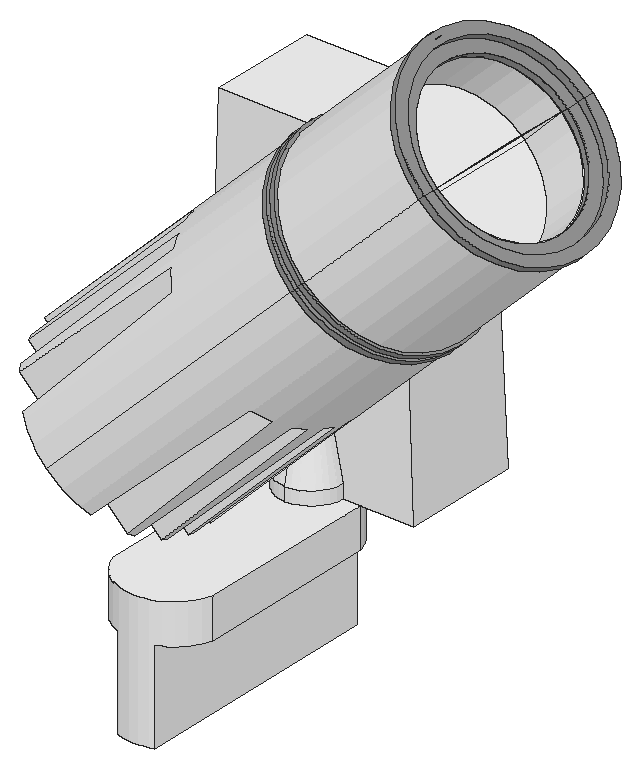
Revit family "2055956", category Lighting Fixtures, host Face, Revit 2016
Family settings
  Host = Face
  Part Type = Normal
  Round Connector Dimension = Use Diameter
  OmniClass Number = 23.80.70.00
  OmniClass Title = Lighting
  Cut with Voids When Loaded = No
  Light Source = No
  Shared = No
  Room Calculation Point = No
Parameters (values of type "2055956 BCON PRJ FRAM O/B L3 3K WH")
  Weight = "1.365 kg"
  Wattage Comments = ""
  WarrantyStartDate [instance] = "n/a"
  WarrantyGuarantorParts = "n/a"
  WarrantyDurationUnit = "n/a"
  WarrantyDurationParts = "n/a"
  WarrantyDescription = "n/a"
  Voltage = 230 V
  URL = "http://www.sylvania-lighting.com"
  TypeName = "BCON PRJ FRAM O/B L3 3K WH"
  TypeHead_SYL = Beacon LED Projector Framing Head : 2055956 BCON PRJ FRAM O/B L3 3K WH
  Type Image = <None>
  Type Comments = "n/a"
  Track_SYL = yes
  Surface_SYL = not(Track_SYL)  # no
  SerialNumber [instance] = "n/a"
  Material_3_SYL = none
  PowerFactor = 0.95
  PowerConsumption = "35 W"
  NominalLength = 0 mm
  NominalHeight = 215 mm
  NominalDepth = 185 mm
  Name = "BCON PRJ FRAM O/B L3 3K WH"
  ModelReference = Name  # "BCON PRJ FRAM O/B L3 3K WH"
  ModelNumber = "2055956"
  Model = Name  # "BCON PRJ FRAM O/B L3 3K WH"
  Material = "aluminium housing"
  ManufacturerName = "Feilo Sylvania"
  Manufacturer = "Feilo Sylvania"
  LuminousEfficacy = "14 lm/W"
  LuminaireType = ""
  LightOutputRatio = "100"
  LampsType = Lamp  # "LED"
  LampNominalLuminous = "474 lm"
  LampMacAdamStep = "3"
  LampColourTemperature = "3000 K"
  LampColourRenderingIndex = "97"
  Lamp = "LED"
  Keynote = "16500"
  InstallationDate [instance] = "n/a"
  InputVoltage = "AC 230 V"
  InputNominalFrequency = "50/60 Hz"
  IngressProtection = "IP20"
  ImpactProtectionIndex = "IK02"
  IfcExportType = "IfcLightFixtureType"
  IfcExportAs = "IfcLightFixtureType"
  HorizontalRotation_SYL [instance] = 0.00°
  EndAngle_SYL [instance] = HorizontalRotation_SYL + 180.00°  # 180.00°
  ElectricShockClassification = "Class II"
  DocumentationLiterature = "http://www.sylvania-lighting.com/product/en-int/products/2055956"
  DimmingControlOptions = "n/a"
  Material_2_SYL = Body-Sylvania-Black
  Description = "Beacon Projector offers precision light exactly where it is needed. The Framing Projector has four adjustable arms allowing the beam to be framed to the desired size shape (square/rectangle or irregular 4 sided shapes).High colour rendering CRI 97 typical. IR/UV free light source without heat radiation. LED technology provides an energy efficient solution with reduced maintenance costs."
  Default Elevation = 1219.2 mm
  CreatedOn = "3/14/2019"
  CreatedBy = "@sylvania-lighting.com"
  Cost = 0
  built-in parameter 1114216 [instance] = (empty or 0)
  ClassificationValue = "EF_70_80"
  ClassificationName = "Uniclass2015"
  Material_1_SYL = Body-Sylvania-White
  BarCode [instance] = "n/a"
  AssetType = "Fixed"
  AssetIdentifier [instance] = "n/a"
  Assembly Code = "D5020200"
  Apparent Load = 35 VA
  Material_4_SYL = none
Reference planes
  plane 1 "Center (Front/Back)": y = 0
  plane 2: z = 0
  plane 3 "Center (Left/Right)": x = 0
  plane 4: x = 7
  plane 5: x = -7
  plane 6: z = -34.5
  plane 7: z = 15
  plane 8: x = 18.5
  plane 9: x = -18.5
  plane 10: y = 48.5
  plane 11: y = -48.5
  plane 12: y = 34.5
  plane 13: y = -34.5
  plane 14: y = 77
  plane 15: y = -8
  plane 16: x = 42.5
  plane 17: x = -42.5
Forms (mm)
  Extrusion 1, solid, material "Body-Sylvania-White" <- "Material_1_SYL", visible <- "Track_SYL"
    sketch origin (0, 0, 0) x (1, 0, 0) y (0, 0, 1)
      loop
        line (-18.5, 15) -> (-18.5, 0) -> (-7, 0) -> (-7, -34.5) -> (7, -34.5) -> (7, 0) -> (18.5, 0) -> (18.5, 15) -> (-18.5, 15)
    from -48.5 to 48.5
  Extrusion 2, void
    sketch origin (0, 0, 0) x (1, 0, 0) y (0, 1, 0)
      loop
        arc (-18.5, 34.5) -> (0, 48.5) -> (18.5, 34.5) r 19.223
        line (18.5, 34.5) -> (21.5, 34.5) -> (21.5, 54.5) -> (-23.5, 54.5) -> (-23.5, 34.5) -> (-18.5, 34.5)
      loop
        line (-18.5, -34.5) -> (-23.5, -34.5) -> (-23.5, -54.5) -> (21.5, -54.5) -> (21.5, -34.5) -> (18.5, -34.5)
        arc (18.5, -34.5) -> (0, -48.5) -> (-18.5, -34.5) r 19.223
    from -34.5 to 15
  Revolve 3, solid, not visible
    sketch origin (0, 0, 0) x (0, 1, 0) y (0, 0, 1)
      loop
        line (34.5, 15) -> (48.5, 15) -> (48.5, 39.844) -> (34.5, 39.844) -> (34.5, 15)
      axis (34.5, 15) -> (34.5, 39.844)
    angle from 0 <- "HorizontalRotation_SYL" to 180 <- "EndAngle_SYL"
  Extrusion 4, solid, material "Body-Sylvania-White" <- "Material_1_SYL", visible <- "Surface_SYL"
    sketch origin (0, 0, 0) x (1, 0, 0) y (0, 1, 0)
      loop
        arc (39.5, -8) -> (41.621, -7.121) -> (42.5, -5) r 3
        line (42.5, -5) -> (42.5, 74)
        arc (42.5, 74) -> (41.621, 76.121) -> (39.5, 77) r 3
        line (39.5, 77) -> (-39.5, 77)
        arc (-39.5, 77) -> (-41.621, 76.121) -> (-42.5, 74) r 3
        line (-42.5, 74) -> (-42.5, -5)
        arc (-42.5, -5) -> (-41.621, -7.121) -> (-39.5, -8) r 3
        line (-39.5, -8) -> (39.5, -8)
    from 0 to 15
Cuts and joins
  Extrusion 2 cuts Extrusion 1
Dimensions and locks
  plane 8 to plane 4 to plane 3 "Center (Left/Right)" to plane 5 to plane 9 = 11.5 mm locked, 7 mm locked, 7 mm locked, 11.5 mm locked
  plane 7 to level to plane 6 = 15 mm locked, 34.5 mm locked
  plane 11 to plane 1 "Center (Front/Back)" to plane 10 = 48.5 mm locked, 48.5 mm locked
  plane 13 to plane 1 "Center (Front/Back)" to plane 12 = 34.5 mm locked, 34.5 mm locked
  plane 15 to plane 12 to plane 14 = 42.5 mm locked, 42.5 mm locked
  plane 16 to plane 3 "Center (Left/Right)" to plane 17 = 42.5 mm locked, 42.5 mm locked
  aligned and locked: plane 2 to host face
  aligned and locked: level to host face
  aligned and locked: plane 7 to Extrusion 1 sketch curve
  aligned and locked: level to Extrusion 1 sketch curve
  aligned and locked: Extrusion 1 sketch curve to plane 8
  aligned and locked: Extrusion 1 sketch curve to plane 6
  aligned and locked: Extrusion 1 sketch curve to plane 4
  aligned and locked: plane 5 to Extrusion 1 sketch curve
  aligned and locked: Extrusion 1 sketch curve to level
  aligned and locked: Extrusion 1 to plane 10
  aligned and locked: plane 11 to Extrusion 1
  aligned and locked: plane 12 to Extrusion 2 sketch curve  (x2)
  aligned and locked: plane 8 to Extrusion 2 sketch curve
  aligned and locked: plane 9 to Extrusion 2 sketch curve
  aligned and locked: plane 13 to Extrusion 2 sketch curve  (x3)
  aligned and locked: Extrusion 2 sketch curve to Extrusion 2 sketch curve  (x2)
  aligned and locked: plane 6 to Extrusion 2
  aligned and locked: Extrusion 2 to plane 7
  aligned and locked: Revolve 3 sketch curve to plane 12
  aligned and locked: Revolve 3 sketch curve to cut or joined group of Extrusion 1, Extrusion 2  (x2)
  aligned and locked: Revolve 3 sketch curve to plane 10
  aligned and locked: Extrusion 4 sketch curve to plane 15
  aligned and locked: Extrusion 4 sketch curve to plane 16
  aligned and locked: plane 14 to Extrusion 4 sketch curve
  aligned and locked: plane 17 to Extrusion 4 sketch curve
  aligned and locked: Extrusion 4 to plane 7
  aligned and locked: Extrusion 4 to level
  aligned and locked: nested 2 to plane 12
Nested families
  nested 1: "Beacon LED Projector Framing Gearbox" at (0, 34.5, 15) x (0, 1, 0) z (1, 0, 0), type "Type Name"
    with VerticalRotation_SYL -45.00°, EndAngle_SYL 135.00°
  nested 2: "Beacon LED Projector Framing Head" at (0, -10.5, 78) x (0, 1, 0) z (0.7071, 0, 0.7071), type <- "TypeHead_SYL", type "2055956 BCON PRJ FRAM O/B L3 3K WH"
    with built-in parameter 1114216 (empty or 0)
Connectors
  electrical at (0, 34.5, 0), driven by "Voltage", driven by "Apparent Load", driven by "PowerFactor"
    settings: on Extrusion 4, index 1, voltage 230 V, apparent load 35 VA, apparent load phase1 0 VA, apparent load phase2 0 VA, apparent load phase3 0 VA, power factor 0.95, load classification "Other", number of poles 1, system type 30, power factor state 1, is connector primary yes, connector utility no, sub classification motor no, connector description ""
Definition of nested family "Beacon LED Projector Framing Gearbox"
  Parameters (values of type "Type Name")
    VerticalRotation_SYL [instance] = 0.00°
    URL = "http://www.sylvania-lighting.com"
    Type Image = (empty or 0)
    Type Comments = "n/a"
    Material_3_SYL = none
    Model = ""
    Manufacturer = "Feilo Sylvania"
    Keynote = ""
    Material_2_SYL = none
    EndAngle_SYL [instance] = VerticalRotation_SYL + 180.00°  # 180.00°
    Description = ""
    Default Elevation = 1219.2 mm
    Cost = 0
    Material_1_SYL = none
    Assembly Code = ""
    Material_4_SYL = none
  Reference planes
    plane 1 "Center (Front/Back)": y = 0
    plane 2: z = 0
    plane 3 "Center (Left/Right)": x = 0
    plane 4: y = 5
    plane 5: y = 63
    plane 6: y = 47
    plane 7: y = 121
    plane 8: x = -3
    plane 9: x = -12
    plane 10: x = 41
    plane 11: x = 44
    plane 12: z = 38.5
    plane 13: z = -38.5
    plane 14: z = 34.5
    plane 15: z = -34.5
  Forms (mm)
    Extrusion 1, solid
      sketch origin (4.2, 0, 0) x (1, 0, 0) y (0, 1, 0)
        loop
          line (-1219.2, 1219.2) -> (-1219.2, -1219.2) -> (1219.2, -1219.2) -> (1219.2, 1219.2) -> (-1219.2, 1219.2)
      from 0 to -68.017
    Revolve 2, solid, material <- "Material_1_SYL"
      sketch origin (0, 0, 0) x (1, 0, 0) y (0, 1, 0)
        loop
          line (0, 0) -> (0, 47) -> (-3, 47) -> (-12, 5) -> (-12, 0) -> (0, 0)
        axis (0, 47) -> (0, 0)
      angle from 360 to 0
    Blend 3, solid, material <- "Material_1_SYL"
      base sketch origin (0, 0, 0) x (1, 0, 0) y (0, 0, 1)
        loop
          line (0, -38.5) -> (44, -38.5) -> (44, 38.5) -> (0, 38.5) -> (0, -38.5)
      top sketch origin (0, 0, 0) x (1, 0, 0) y (0, 0, 1)
        loop
          line (0, 34.5) -> (0, -34.5) -> (41, -34.5) -> (41, 34.5) -> (0, 34.5)
      from 0 to -121
    Revolve 4, solid, not visible
      sketch origin (0, 0, 0) x (1, 0, 0) y (0, 1, 0)
        loop
          line (0, 63) -> (-12, 63) -> (-12, 47) -> (0, 47) -> (0, 63)
        axis (0, 63) -> (-12, 63)
      angle from 0 <- "VerticalRotation_SYL" to 180 <- "EndAngle_SYL"
  Cuts and joins
    joined: Revolve 2, Blend 3
  Dimensions and locks
    plane 3 "Center (Left/Right)" to plane 10 to plane 11 = 41 mm locked, 3 mm locked
    plane 9 to plane 8 to plane 3 "Center (Left/Right)" = 9 mm locked, 3 mm locked
    plane 1 "Center (Front/Back)" to plane 4 to plane 6 to plane 5 to plane 7 = 5 mm locked, 42 mm locked, 16 mm locked, 58 mm locked
    plane 14 to level to plane 15 = 34.5 mm locked, 34.5 mm locked
    locked: plane 12 to plane 14 at 4
    locked: plane 15 to plane 13 at 4
    aligned and locked: plane 2 to Extrusion 1
    aligned and locked: level to Extrusion 1
    aligned and locked: Revolve 2 sketch curve to plane 3 "Center (Left/Right)"  (x2)
    aligned and locked: Revolve 2 sketch curve to Revolve 2 sketch curve
    aligned and locked: Revolve 2 sketch curve to plane 1 "Center (Front/Back)"
    aligned and locked: plane 4 to Revolve 2 sketch curve
    aligned and locked: plane 9 to Revolve 2 sketch curve
    aligned and locked: plane 6 to Revolve 2 sketch curve  (x2)
    aligned and locked: plane 3 "Center (Left/Right)" to Revolve 2 sketch curve
    aligned and locked: plane 13 to Blend 3 sketch curve
    aligned and locked: Blend 3 sketch curve to plane 3 "Center (Left/Right)"
    aligned and locked: Blend 3 sketch curve to plane 12
    aligned and locked: plane 11 to Blend 3 sketch curve
    aligned and locked: plane 14 to Blend 3 sketch curve
    aligned and locked: Blend 3 sketch curve to plane 15
    aligned and locked: Blend 3 sketch curve to plane 10
    aligned and locked: Blend 3 to plane 7
    aligned and locked: plane 1 "Center (Front/Back)" to Blend 3
    aligned and locked: Revolve 4 sketch curve to plane 5
    aligned and locked: Revolve 4 sketch curve to Revolve 4 sketch curve
    aligned and locked: plane 3 "Center (Left/Right)" to Revolve 4 sketch curve
    aligned and locked: plane 6 to Revolve 4 sketch curve
    aligned and locked: Revolve 4 sketch curve to plane 9
Definition of nested family "Beacon LED Projector Framing Head"
  Parameters (values of type "2055967 BCON PRJ FRAM DALI L3 4K BLK")
    Wattage Comments = "n/a"
    Wattage = 35 W
    built-in parameter 1150110 = 1 (stored number, unit not read)
    URL = "http://www.sylvania-lighting.com"
    Type Image = (empty or 0)
    Type Comments = "n/a"
    built-in parameter 1114217 = 1 (stored number, unit not read)
    Tilt Angle = -90.00°
    built-in parameter 1150109 = 1 (stored number, unit not read)
    built-in parameter 1150134 = 12
    built-in parameter 1150113 = 1 (stored number, unit not read)
    Photometric Web File = "spot_ideal.ies"
    Material_3_SYL = none
    Model = "BCON PRJ FRAM DALI L3 4K BLK"
    Manufacturer = "Feilo Sylvania"
    built-in parameter 1150105 = 49 (stored number, unit not read)
    Lumens = 490 lm
    built-in parameter 1150115 = 1 (stored number, unit not read)
    built-in parameter 1150137 = (empty or 0)
    built-in parameter 1150139 = (empty or 0)
    built-in parameter 1150112 = 1 (stored number, unit not read)
    built-in parameter 1150114 = 1 (stored number, unit not read)
    Lamp = "LED"
    Keynote = "16500"
    Material_2_SYL = none
    built-in parameter 1150132 = (empty or 0)
    built-in parameter 1150102 = (empty or 0)
    built-in parameter 1150107 = 4000 (stored number, unit not read)
    built-in parameter 1150138 = (empty or 0)
    built-in parameter 1150106 = 0.49 (stored number, unit not read)
    Emit from Circle Diameter = 61 mm
    Emit Shape Visible in Rendering = no
    built-in parameter 1150104 = 1.3006 (stored number, unit not read)
    Dimming Lamp Color Temperature Shift = (empty or 0)
    Description = "Beacon Projector offers precision light exactly where it is needed. The Framing Projector has four adjustable arms allowing the beam to be framed to the desired size shape (square/rectangle or irregular 4 sided shapes).High colour rendering CRI 97 typical. IR/UV free light source without heat radiation. LED technology provides an energy efficient solution with reduced maintenance costs."
    Default Elevation = 1219.2 mm
    Cost = 0
    Color Filter = 16777215
    built-in parameter 1114216 [instance] = (empty or 0)
    Material_1_SYL = none
    built-in parameter 1114218 = 1 (stored number, unit not read)
    built-in parameter 1150133 = 10 (stored number, unit not read)
    Assembly Code = "D5020200"
    Apparent Load = 35 VA
    Material_4_SYL = none
  Types (12, lengths in mm): name | built-in parameter 1150134 | Model | built-in parameter 1150107
    2055967 BCON PRJ FRAM DALI L3 4K BLK | 12 | "BCON PRJ FRAM DALI L3 4K BLK" | 4000 (stored number, unit not read)
    2055966 BCON PRJ FRAM DALI L3 4K WH | 12 | "BCON PRJ FRAM DALI L3 4K WH" | 4000 (stored number, unit not read)
    2055965 BCON PRJ FRAM DALI L3 3K BLK | (empty or 0) | "BCON PRJ FRAM DALI L3 3K BLK" | 3000 (stored number, unit not read)
    2055964 BCON PRJ FRAM DALI L3 3K WH | (empty or 0) | "BCON PRJ FRAM DALI L3 3K WH" | 3000 (stored number, unit not read)
    2055963 BCON PRJ FRAM O/B SM 4K BLK | 12 | "BCON PRJ FRAM O/B SM 4K BLK" | 4000 (stored number, unit not read)
    2055962 BCON PRJ FRAM O/B SM 4K WH | 12 | "BCON PRJ FRAM O/B SM 4K WH" | 4000 (stored number, unit not read)
    2055961 BCON PRJ FRAM O/B SM 3K BLK | (empty or 0) | "BCON PRJ FRAM O/B SM 3K BLK" | 3000 (stored number, unit not read)
    2055960 BCON PRJ FRAM O/B SM 3K WH | (empty or 0) | "BCON PRJ FRAM O/B SM 3K WH" | 3000 (stored number, unit not read)
    2055959 BCON PRJ FRAM O/B L3 4K BLK | 12 | "BCON PRJ FRAM O/B L3 4K BLK" | 4000 (stored number, unit not read)
    2055958 BCON PRJ FRAM O/B L3 4K WH | 12 | "BCON PRJ FRAM O/B L3 4K WH" | 4000 (stored number, unit not read)
    2055957 BCON PRJ FRAM O/B L3 3K BLK | (empty or 0) | "BCON PRJ FRAM O/B L3 3K BLK" | 3000 (stored number, unit not read)
    2055956 BCON PRJ FRAM O/B L3 3K WH | (empty or 0) | "BCON PRJ FRAM O/B L3 3K WH" | 3000 (stored number, unit not read)
  Reference planes
    plane 1 "Center (Front/Back)": y = 0
    plane 2: z = 0
    plane 3 "Center (Left/Right)": x = 0
    plane 4: x = 39.5
    plane 5: x = -39.5
    plane 6: z = -45
    plane 7: z = 155
    plane 8: z = 152.4
    plane 9: x = -38.5
    plane 10: z = 91
    plane 11: z = 84.75
    plane 12: z = 35
    plane 13: x = -35.25
    plane 14: z = 151.937
    plane 15: x = -30.5
    plane 16: z = 149.187
    plane 17: z = 88.75
    plane 18: z = 87
    plane 19: x = -37.5
    plane 20: z = 129.187
    plane 21: x = -2.5
    plane 22: x = 2.5
    plane 23: x = -4
    plane 24: x = 4
    plane 25: z = 15
    plane 26: z = -15
    plane 27: x = 45
    plane 28: x = 14.75
  Forms (mm)
    Extrusion 1, solid
      sketch origin (4.2, 0, 0) x (1, 0, 0) y (0, 1, 0)
        loop
          line (-1219.2, 1219.2) -> (-1219.2, -1219.2) -> (1219.2, -1219.2) -> (1219.2, 1219.2) -> (-1219.2, 1219.2)
      from 0 to -68.017
    Revolve 2, solid, material <- "Material_2_SYL"
      sketch origin (0, 0, 0) x (1, 0, 0) y (0, 0, 1)
        loop
          line (-30.5, 149.188) -> (-30.5, 151.938) -> (-35.25, 151.938) -> (-35.25, 155) -> (-39.5, 155) -> (-39.5, 152.4) -> (-37.5, 152.4) -> (-37.5, 149.188) -> (-30.5, 149.188)
        axis (0, 155) -> (0, 149.188)
      angle from 360 to 0
    Revolve 3, solid, material <- "Material_3_SYL"
      sketch origin (0, 0, 0) x (1, 0, 0) y (0, 0, 1)
        loop
          arc (0, 156.729) -> (-15.437, 155.524) -> (-30.5, 151.938) r 99.476
          line (-30.5, 151.938) -> (-30.5, 149.188) -> (0, 149.188) -> (0, 156.729)
        axis (0, 156.729) -> (0, 149.188)
      angle from 360 to 0
    Revolve 4, solid, material <- "Material_1_SYL"
      sketch origin (0, 0, 0) x (1, 0, 0) y (0, 0, 1)
        loop
          line (-38.5, 152.4) -> (-38.5, 91) -> (-35.25, 91) -> (-35.25, 84.75) -> (-38.5, 84.75) -> (-38.5, -45) -> (0, -45) -> (0, 129.187) -> (-30.5, 129.187) -> (-30.5, 149.188) -> (-37.5, 149.188) -> (-37.5, 152.4) -> (-38.5, 152.4)
        axis (0, 152.4) -> (0, -45)
      angle from 360 to 0
    Revolve 5, solid, material <- "Material_2_SYL"
      sketch origin (0, 0, 0) x (1, 0, 0) y (0, 0, 1)
        loop
          line (-39.5, 91) -> (-39.5, 88.75) -> (-37.5, 88.75) -> (-37.5, 87) -> (-39.5, 87) -> (-39.5, 84.75) -> (-35.25, 84.75) -> (-35.25, 91) -> (-39.5, 91)
        axis (0, 91) -> (0, 84.75)
      angle from 360 to 0
    Extrusion 6, void
      sketch origin (20, 0, 0) x (-1, 0, 0) y (0, 0, 1)
        loop
          line (17.5, 35) -> (16, -45) -> (24, -45) -> (22.5, 35) -> (17.5, 35)
      from -40 to 40
    Extrusion 7, void
      sketch origin (20, 0, 0) x (-1, 0, 0) y (0, 0, 1)
        loop
          line (27.5, 35) -> (26, -45) -> (34, -45) -> (32.5, 35) -> (27.5, 35)
      from -40 to 40
    Extrusion 8, void
      sketch origin (-20, 0, 0) x (1, 0, 0) y (0, 0, 1)
        loop
          line (2.5, 35) -> (-2.5, 35) -> (-4, -45) -> (4, -45) -> (2.5, 35)
      from -40 to 40
    Extrusion 9, void
      sketch origin (20, 0, 0) x (-1, 0, 0) y (0, 0, 1)
        loop
          line (47.5, 35) -> (46, -45) -> (54, -45) -> (52.5, 35) -> (47.5, 35)
      from -40 to 40
    Extrusion 10, void
      sketch origin (30, 0, 0) x (-1, 0, 0) y (0, 0, 1)
        loop
          line (2.5, 35) -> (-2.5, 35) -> (-4, -45) -> (4, -45) -> (2.5, 35)
      from -40 to 40
    Extrusion 11, void
      sketch origin (10, 0, 0) x (-1, 0, 0) y (0, 0, 1)
        loop
          line (2.5, 35) -> (-2.5, 35) -> (-4, -45) -> (4, -45) -> (2.5, 35)
      from -40 to 40
    Extrusion 12, void
      sketch origin (20, 0, 0) x (-1, 0, 0) y (0, 0, 1)
        loop
          line (2.5, 35) -> (-2.5, 35) -> (-4, -45) -> (4, -45) -> (2.5, 35)
      from -40 to 40
    Revolve 13, solid, material <- "Material_1_SYL"
      sketch origin (0, 0, 0) x (1, 0, 0) y (0, 0, 1)
        loop
          line (45, 15) -> (14.75, 15) -> (14.75, 0) -> (45, 0) -> (45, 15)
        axis (14.75, 0) -> (45, 0)
      angle from 360 to 0
  Cuts and joins
    Extrusion 6, Extrusion 7, Extrusion 8, Extrusion 9, Extrusion 10, Extrusion 11, Extrusion 12 cuts Revolve 4
    joined: Revolve 4, Revolve 13
  Lines and regions (mm)
    reference lines
      curve 1: line (-2.5, 0, 35) -> (-4, 0, -45)
      curve 2: line (4, 0, -45) -> (2.5, 0, 35)
  Dimensions and locks
    plane 7 to level to plane 6 = 155 mm locked, 45 mm locked
    equal spacing: plane 4, plane 3 "Center (Left/Right)", plane 5
    locked: plane 4 to plane 5 at 79
    locked: plane 7 to plane 10 at 64
    plane 10 to plane 11 = 6.25 mm
    locked: plane 7 to plane 12 at 120
    plane 3 "Center (Left/Right)" to plane 15 to plane 13 to plane 9 to plane 5 = 30.5 mm, 4.75 mm, 3.25 mm, 1 mm
    plane 7 to plane 8 to plane 14 to plane 16 = 2.6 mm locked, 0.463 mm locked, 2.75 mm locked
    locked: plane 3 "Center (Left/Right)" to plane 19 at 37.5
    locked: plane 16 to plane 20 at 20
    plane 10 to plane 17 to plane 18 = 2.25 mm locked, 1.75 mm locked
    plane 22 to plane 3 "Center (Left/Right)" to plane 21 = 2.5 mm locked, 2.5 mm locked
    plane 24 to plane 3 "Center (Left/Right)" to plane 23 = 4 mm locked, 4 mm locked
    equal spacing: group 4, group 3, group 2, group 1
    equal spacing: group 1, group 2, group 3, group 4  (x2)
    plane 25 to level to plane 26 = 15 mm locked, 15 mm locked
    locked: plane 27 to plane 3 "Center (Left/Right)" at 45
    locked: plane 28 to plane 3 "Center (Left/Right)" at 14.75
    aligned and locked: plane 2 to Extrusion 1
    aligned and locked: level to Extrusion 1
    aligned and locked: Revolve 2 sketch curve to plane 3 "Center (Left/Right)"
    aligned and locked: plane 16 to Revolve 2 sketch curve  (x2)
    aligned and locked: plane 15 to Revolve 2 sketch curve
    aligned and locked: plane 13 to Revolve 2 sketch curve
    aligned and locked: Revolve 2 sketch curve to plane 14
    aligned and locked: Revolve 2 sketch curve to plane 7
    aligned and locked: Revolve 2 sketch curve to plane 5
    aligned and locked: plane 8 to Revolve 2 sketch curve
    aligned and locked: Revolve 3 sketch curve to plane 3 "Center (Left/Right)"
    aligned and locked: Revolve 3 sketch curve to Revolve 2
    aligned and locked: Revolve 2 to Revolve 3 sketch curve
    aligned and locked: plane 3 "Center (Left/Right)" to Revolve 3 sketch curve
    aligned and locked: Revolve 4 sketch curve to plane 3 "Center (Left/Right)"
    aligned and locked: plane 10 to Revolve 4 sketch curve
    aligned and locked: Revolve 4 sketch curve to plane 13
    aligned and locked: Revolve 4 sketch curve to plane 11
    aligned and locked: Revolve 4 sketch curve to plane 9  (x2)
    aligned and locked: plane 6 to Revolve 4 sketch curve
    aligned and locked: plane 3 "Center (Left/Right)" to Revolve 4 sketch curve
    aligned and locked: plane 15 to Revolve 4 sketch curve
    aligned and locked: Revolve 4 sketch curve to plane 8
    aligned and locked: Revolve 2 sketch curve to plane 19
    aligned and locked: plane 19 to Revolve 4 sketch curve
    aligned and locked: Revolve 4 sketch curve to plane 20
    aligned and locked: Revolve 5 sketch curve to plane 3 "Center (Left/Right)"
    aligned and locked: plane 10 to Revolve 5 sketch curve
    aligned and locked: Revolve 5 sketch curve to plane 5  (x2)
    aligned and locked: plane 17 to Revolve 5 sketch curve
    aligned and locked: plane 18 to Revolve 5 sketch curve
    aligned and locked: Revolve 5 sketch curve to plane 19
    aligned and locked: plane 11 to Revolve 5 sketch curve
    aligned and locked: Revolve 5 sketch curve to Revolve 4  (x2)
    aligned and locked: plane 21 to curve 1
    aligned and locked: plane 23 to curve 1
    aligned and locked: plane 24 to curve 2
    aligned and locked: plane 22 to curve 2
    aligned and locked: Revolve 13 sketch curve to plane 25
    aligned and locked: plane 27 to Revolve 13 sketch curve
    aligned and locked: Revolve 13 sketch curve to level  (x2)
    aligned and locked: Revolve 13 sketch curve to plane 28
    aligned and locked: plane 3 "Center (Left/Right)" to imposter light
    aligned and locked: imposter light to plane 7
    aligned and locked: imposter light to plane 1 "Center (Front/Back)"
  Automatic sketch dimensions
    Extrusion 1 sketch curve to Extrusion 1 sketch curve = 2438.4 mm  (x2)
    plane 6 to Revolve 2 sketch curve = 564.6 mm
    Revolve 2 sketch curve to plane 7 = 2454.058 mm
    Revolve 3 sketch curve to plane 14 = 0 mm
    Revolve 3 sketch curve to plane 12 = 22.253 mm
    plane 6 to Revolve 3 sketch curve = 564.6 mm
    Revolve 3 sketch curve to Revolve 3 sketch curve = 2452.329 mm
    Revolve 4 sketch curve to plane 16 = 0 mm
    plane 6 to Revolve 4 sketch curve = 564.6 mm
    Revolve 4 sketch curve to plane 7 = 2454.058 mm
    plane 6 to Revolve 5 sketch curve = 564.6 mm
    Revolve 5 sketch curve to plane 7 = 2454.058 mm
    curve 2 to plane 12 = 0 mm
    curve 2 to plane 6 = 0 mm
    curve 1 to plane 6 = 0 mm
    curve 1 to plane 12 = 0 mm
    Extrusion 6 sketch curve to Extrusion 6 sketch curve = 1.5 mm
    Extrusion 6 sketch curve to Extrusion 6 sketch curve = 5 mm
    Extrusion 6 sketch curve to Extrusion 6 sketch curve = 8 mm
    Extrusion 6 sketch curve to Extrusion 6 sketch curve = 80 mm
    Extrusion 7 sketch curve to Extrusion 7 sketch curve = 1.5 mm
    Extrusion 7 sketch curve to Extrusion 7 sketch curve = 5 mm
    Extrusion 7 sketch curve to Extrusion 7 sketch curve = 8 mm
    Extrusion 7 sketch curve to Extrusion 7 sketch curve = 80 mm
    Extrusion 8 sketch curve to Extrusion 8 sketch curve = 1.5 mm
    Extrusion 8 sketch curve to Extrusion 8 sketch curve = 5 mm
    Extrusion 8 sketch curve to Extrusion 8 sketch curve = 8 mm
    Extrusion 8 sketch curve to Extrusion 8 sketch curve = 80 mm
    Extrusion 9 sketch curve to Extrusion 9 sketch curve = 1.5 mm
    Extrusion 9 sketch curve to Extrusion 9 sketch curve = 5 mm
    Extrusion 9 sketch curve to Extrusion 9 sketch curve = 8 mm
    Extrusion 9 sketch curve to Extrusion 9 sketch curve = 80 mm
    Extrusion 10 sketch curve to Extrusion 10 sketch curve = 1.5 mm
    Extrusion 10 sketch curve to Extrusion 10 sketch curve = 5 mm
    Extrusion 10 sketch curve to Extrusion 10 sketch curve = 8 mm
    Extrusion 10 sketch curve to Extrusion 10 sketch curve = 80 mm
    Extrusion 11 sketch curve to Extrusion 11 sketch curve = 1.5 mm
    Extrusion 11 sketch curve to Extrusion 11 sketch curve = 5 mm
    Extrusion 11 sketch curve to Extrusion 11 sketch curve = 8 mm
    Extrusion 11 sketch curve to Extrusion 11 sketch curve = 80 mm
    Extrusion 12 sketch curve to Extrusion 12 sketch curve = 1.5 mm
    Extrusion 12 sketch curve to Extrusion 12 sketch curve = 5 mm
    Extrusion 12 sketch curve to Extrusion 12 sketch curve = 8 mm
    Extrusion 12 sketch curve to Extrusion 12 sketch curve = 80 mm
    Revolve 13 sketch curve to plane 5 = 1495.135 mm
    plane 27 to Revolve 13 sketch curve = 1614.773 mm
